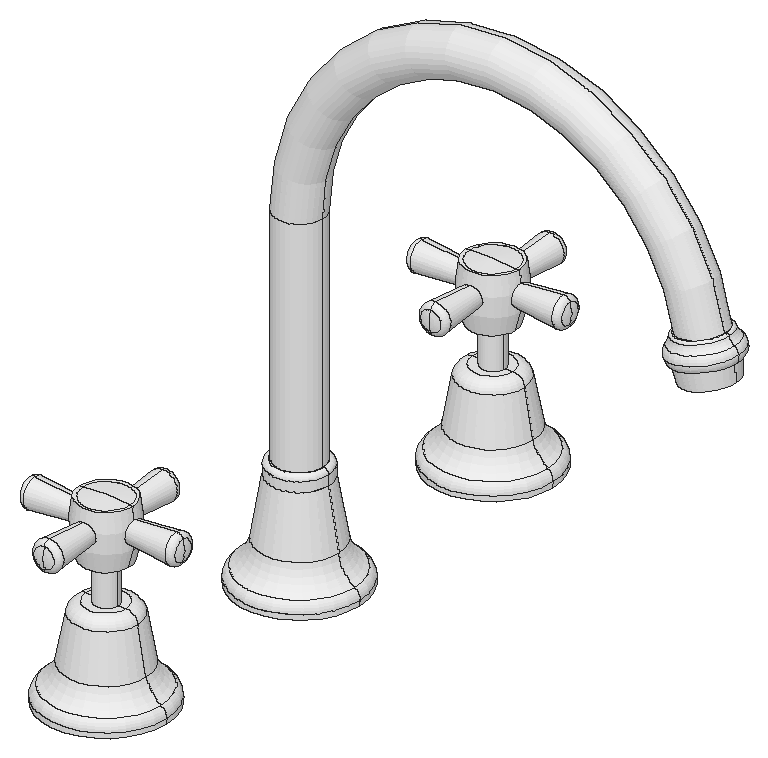
Revit family "Classic-cross-HB-set-HWC-631241C4A", category Plumbing Fixtures, host Face, Revit 2015
Parameters
  Waste Connection = no
  Vent Connection = no
  URL = "https://www.caroma.com.au/"
  Model = "631241C4A"
  Material_Spout = GWA_Metal-Chrome
  Material_Handle = GWA_Metal-Chrome
  Manufacturer = "GWA Bathrooms & Kitchens"  # constant formula
  HW Connection = yes
  Description = "Classic-cross-HB-set-HWC"
  Default Elevation = 900 mm
  CreatedBy_ANZRS = "GWA Bathrooms & Kitchens"  # constant formula
  CW Connection = yes
  Assembly Code = "C1030220"
Reference planes
  plane 1 "Center (Front/Back)": y = 0
  plane 2: z = 0
  plane 3 "Center (Left/Right)": x = 0
  plane 4 "Right": y = 100.027
  plane 5 "Left": y = -100
Forms (mm)
  Revolve 1, solid, material "GWA_Metal-Chrome" <- "Material_Handle"
    sketch origin (-299.999, 100.027, 0) x (-1, 0, 0) y (0, 0, 1)
      loop
        line (-299.999, 0) -> (-274.999, 0) -> (-274.999, 1.96)
        arc (-274.999, 1.96) -> (-275.601, 4.338) -> (-277.261, 6.143) r 5
        arc (-277.261, 6.143) -> (-281.105, 9.771) -> (-283.451, 14.506) r 15
        line (-283.451, 14.506) -> (-286.814, 32.872)
        arc (-286.814, 32.872) -> (-288.532, 35.823) -> (-291.738, 37) r 5.035
        line (-291.738, 37) -> (-299.999, 37) -> (-299.999, 0)
      axis (-299.999, 37) -> (-299.999, 0)
    angle from 0 to 360
  Extrusion 2, solid, material "GWA_Metal-Chrome" <- "Material_Handle"
    sketch origin (-299.999, 100, 0) x (1, 0, 0) y (0, 1, 0)
      loop
        circle (299.999, 0) r 4.75
    from 9.603 to 56.677
  Revolve 3, solid, material "GWA_Metal-Chrome" <- "Material_Handle"
    sketch origin (-299.999, 100.027, 0) x (-1, 0, 0) y (0, 0, 1)
      loop
        line (-299.999, 76.5) -> (-299.999, 52.8) -> (-290.499, 52.8)
        arc (-290.499, 52.8) -> (-288.062, 64.19) -> (-289.01, 75.8) r 40
        line (-289.01, 75.8) -> (-290.374, 75.8)
        arc (-290.374, 75.8) -> (-295.174, 76.325) -> (-299.999, 76.5) r 66.537
      axis (-299.999, 76.5) -> (-299.999, 52.8)
    angle from 0 to 360
  Revolve 4, solid, material "GWA_Metal-Chrome" <- "Material_Handle"
    sketch origin (-299.999, 100.027, 0) x (-1, 0, 0) y (0, 0, 1)
      loop
        line (-309.999, 71.091) -> (-329.28, 72.79)
        arc (-329.28, 72.79) -> (-330.91, 72.363) -> (-331.899, 70.999) r 2.5
        arc (-331.899, 70.999) -> (-332.349, 68.921) -> (-332.499, 66.799) r 15
        line (-332.499, 66.799) -> (-309.999, 66.799) -> (-309.999, 71.091)
      axis (-309.999, 66.799) -> (-332.499, 66.799)
    angle from 0 to 360
  Revolve 5, solid, material "GWA_Metal-Chrome" <- "Material_Handle"
    sketch origin (0, -100, 0) x (0, 1, 0) y (0, 0, 1)
      loop
        line (210, 71.091) -> (210, 66.799) -> (232.5, 66.799)
        arc (232.5, 66.799) -> (232.349, 68.921) -> (231.9, 70.999) r 15
        arc (231.9, 70.999) -> (230.911, 72.363) -> (229.281, 72.79) r 2.5
        line (229.281, 72.79) -> (210, 71.091)
      axis (210, 66.799) -> (232.5, 66.799)
    angle from 0 to 360
  Revolve 6, solid, material "GWA_Metal-Chrome" <- "Material_Handle"
    sketch origin (200, 100, 0) x (-1, 0, 0) y (0, 0, 1)
      loop
        line (210, 71.091) -> (210, 66.799) -> (232.5, 66.799)
        arc (232.5, 66.799) -> (232.349, 68.921) -> (231.9, 70.999) r 15
        arc (231.9, 70.999) -> (230.911, 72.363) -> (229.281, 72.79) r 2.5
        line (229.281, 72.79) -> (210, 71.091)
      axis (210, 66.799) -> (232.5, 66.799)
    angle from 0 to 360
  Revolve 7, solid, material "GWA_Metal-Chrome" <- "Material_Handle"
    sketch origin (0, 300, 0) x (0, -1, 0) y (0, 0, 1)
      loop
        line (210, 71.091) -> (210, 66.799) -> (232.5, 66.799)
        arc (232.5, 66.799) -> (232.349, 68.921) -> (231.9, 70.999) r 15
        arc (231.9, 70.999) -> (230.911, 72.363) -> (229.281, 72.79) r 2.5
        line (229.281, 72.79) -> (210, 71.091)
      axis (210, 66.799) -> (232.5, 66.799)
    angle from 0 to 360
  Revolve 8, solid, material "GWA_Metal-Chrome" <- "Material_Handle"
    sketch origin (-299.999, -99.973, 0) x (-1, 0, 0) y (0, 0, 1)
      loop
        line (-299.999, 0) -> (-274.999, 0) -> (-274.999, 1.96)
        arc (-274.999, 1.96) -> (-275.601, 4.338) -> (-277.261, 6.143) r 5
        arc (-277.261, 6.143) -> (-281.105, 9.771) -> (-283.451, 14.506) r 15
        line (-283.451, 14.506) -> (-286.814, 32.872)
        arc (-286.814, 32.872) -> (-288.532, 35.823) -> (-291.738, 37) r 5.035
        line (-291.738, 37) -> (-299.999, 37) -> (-299.999, 0)
      axis (-299.999, 37) -> (-299.999, 0)
    angle from 0 to 360
  Extrusion 9, solid, material "GWA_Metal-Chrome" <- "Material_Handle"
    sketch origin (-299.999, -100, 0) x (1, 0, 0) y (0, 1, 0)
      loop
        circle (299.999, 0) r 4.75
    from 9.603 to 56.677
  Revolve 10, solid, material "GWA_Metal-Chrome" <- "Material_Handle"
    sketch origin (-299.999, -99.973, 0) x (-1, 0, 0) y (0, 0, 1)
      loop
        line (-299.999, 76.5) -> (-299.999, 52.8) -> (-290.499, 52.8)
        arc (-290.499, 52.8) -> (-288.062, 64.19) -> (-289.01, 75.8) r 40
        line (-289.01, 75.8) -> (-290.374, 75.8)
        arc (-290.374, 75.8) -> (-295.174, 76.325) -> (-299.999, 76.5) r 66.537
      axis (-299.999, 76.5) -> (-299.999, 52.8)
    angle from 0 to 360
  Revolve 11, solid, material "GWA_Metal-Chrome" <- "Material_Handle"
    sketch origin (-299.999, -99.973, 0) x (-1, 0, 0) y (0, 0, 1)
      loop
        line (-309.999, 71.091) -> (-329.28, 72.79)
        arc (-329.28, 72.79) -> (-330.91, 72.363) -> (-331.899, 70.999) r 2.5
        arc (-331.899, 70.999) -> (-332.349, 68.921) -> (-332.499, 66.799) r 15
        line (-332.499, 66.799) -> (-309.999, 66.799) -> (-309.999, 71.091)
      axis (-309.999, 66.799) -> (-332.499, 66.799)
    angle from 0 to 360
  Revolve 12, solid, material "GWA_Metal-Chrome" <- "Material_Handle"
    sketch origin (0, -300, 0) x (0, 1, 0) y (0, 0, 1)
      loop
        line (210, 71.091) -> (210, 66.799) -> (232.5, 66.799)
        arc (232.5, 66.799) -> (232.349, 68.921) -> (231.9, 70.999) r 15
        arc (231.9, 70.999) -> (230.911, 72.363) -> (229.281, 72.79) r 2.5
        line (229.281, 72.79) -> (210, 71.091)
      axis (210, 66.799) -> (232.5, 66.799)
    angle from 0 to 360
  Revolve 13, solid, material "GWA_Metal-Chrome" <- "Material_Handle"
    sketch origin (200, -100, 0) x (-1, 0, 0) y (0, 0, 1)
      loop
        line (210, 71.091) -> (210, 66.799) -> (232.5, 66.799)
        arc (232.5, 66.799) -> (232.349, 68.921) -> (231.9, 70.999) r 15
        arc (231.9, 70.999) -> (230.911, 72.363) -> (229.281, 72.79) r 2.5
        line (229.281, 72.79) -> (210, 71.091)
      axis (210, 66.799) -> (232.5, 66.799)
    angle from 0 to 360
  Revolve 14, solid, material "GWA_Metal-Chrome" <- "Material_Handle"
    sketch origin (0, 100, 0) x (0, -1, 0) y (0, 0, 1)
      loop
        line (210, 71.091) -> (210, 66.799) -> (232.5, 66.799)
        arc (232.5, 66.799) -> (232.349, 68.921) -> (231.9, 70.999) r 15
        arc (231.9, 70.999) -> (230.911, 72.363) -> (229.281, 72.79) r 2.5
        line (229.281, 72.79) -> (210, 71.091)
      axis (210, 66.799) -> (232.5, 66.799)
    angle from 0 to 360
  Revolve 15, solid, material "GWA_Metal-Chrome" <- "Material_Spout"
    sketch origin (300, 0, 0) x (1, 0, 0) y (0, 0, 1)
      loop
        line (-312, 44) -> (-312, 40) -> (-316.154, 16.444)
        arc (-316.154, 16.444) -> (-318.404, 10.538) -> (-322.887, 6.082) r 15.004
        arc (-322.887, 6.082) -> (-324.44, 4.299) -> (-325, 2) r 5
        line (-325, 2) -> (-325, 0) -> (-300, 0) -> (-300, 46) -> (-310, 46)
        arc (-310, 46) -> (-311.414, 45.414) -> (-312, 44) r 2
      axis (-300, 46) -> (-300, 0)
    angle from 0 to 360
  Revolve 16, solid, material "GWA_Metal-Chrome" <- "Material_Spout"
    sketch origin (300, 0, 0) x (1, 0, 0) y (0, 0, 1)
      loop
        line (-133.276, 152.586) -> (-143.22, 150.833)
        arc (-143.22, 150.833) -> (-143.814, 150.489) -> (-144.047, 149.843) r 1
        arc (-144.047, 149.843) -> (-144.311, 148.051) -> (-145.098, 146.419) r 6
        arc (-145.098, 146.419) -> (-145.785, 144.827) -> (-145.818, 143.093) r 4.5
        arc (-145.818, 143.093) -> (-145.304, 141.66) -> (-144.342, 140.481) r 4.5
        line (-144.342, 140.481) -> (-143.191, 140.684) -> (-140.82, 133.385) -> (-130.22, 135.254) -> (-133.276, 152.586)
      axis (-133.276, 152.586) -> (-130.22, 135.254)
    angle from 0 to 360
  Sweep 17, solid, material "GWA_Metal-Chrome" <- "Material_Spout"
    path origin (300, 0, 0) x (1, 0, 0) y (0, 0, 1)
      loop
        arc (-133.276, 152.586) -> (-223.321, 221.68) -> (-300, 138) r 84
        line (-300, 138) -> (-300, 46)
    profile origin (0, 0, 92) x (0, -1, 0) y (1, 0, 0)
      loop
        circle (0, 0) r 9.5
Lines and regions (mm)
  Masking region 1
    outline origin (0, 0, 0) x (1, 0, 0) y (0, 1, 0)
      loop
        arc (24.38, 105.559) -> (17.7, 117.683) -> (5.593, 124.394) r 25
        line (5.593, 124.394) -> (6.029, 129.273)
        arc (6.029, 129.273) -> (5.605, 130.904) -> (4.242, 131.895) r 2.5
        arc (4.242, 131.895) -> (0.043, 132.5) -> (-4.158, 131.906) r 15.001
        arc (-4.158, 131.906) -> (-5.523, 130.918) -> (-5.952, 129.289) r 2.5
        line (-5.952, 129.289) -> (-5.528, 124.408)
        arc (-5.528, 124.408) -> (-17.656, 117.727) -> (-24.367, 105.616) r 25
        line (-24.367, 105.616) -> (-29.267, 106.059)
        arc (-29.267, 106.059) -> (-30.899, 105.636) -> (-31.891, 104.275) r 2.5
        arc (-31.891, 104.275) -> (-32.501, 100.076) -> (-31.91, 95.874) r 15.001
        arc (-31.91, 95.874) -> (-30.924, 94.508) -> (-29.295, 94.078) r 2.5
        line (-29.295, 94.078) -> (-24.387, 94.499)
        arc (-24.387, 94.499) -> (-17.712, 82.358) -> (-5.597, 75.635) r 24.999
        line (-5.597, 75.635) -> (-6.036, 70.728)
        arc (-6.036, 70.728) -> (-5.613, 69.098) -> (-4.25, 68.106) r 2.5
        arc (-4.25, 68.106) -> (-0.051, 67.5) -> (4.15, 68.093) r 15.001
        arc (4.15, 68.093) -> (5.516, 69.081) -> (5.945, 70.71) r 2.5
        line (5.945, 70.71) -> (5.52, 75.618)
        arc (5.52, 75.618) -> (17.663, 82.309) -> (24.374, 94.442) r 24.999
        line (24.374, 94.442) -> (29.281, 94.01)
        arc (29.281, 94.01) -> (30.911, 94.436) -> (31.9, 95.8) r 2.5
        arc (31.9, 95.8) -> (32.5, 100) -> (31.9, 104.2) r 15.001
        arc (31.9, 104.2) -> (30.911, 105.564) -> (29.281, 105.991) r 2.5
        line (29.281, 105.991) -> (24.38, 105.559)
  Masking region 2
    outline origin (0, -200, 0) x (1, 0, 0) y (0, 1, 0)
      loop
        arc (24.38, 105.559) -> (17.7, 117.683) -> (5.593, 124.394) r 25
        line (5.593, 124.394) -> (6.029, 129.273)
        arc (6.029, 129.273) -> (5.605, 130.904) -> (4.242, 131.895) r 2.5
        arc (4.242, 131.895) -> (0.043, 132.5) -> (-4.158, 131.906) r 15.001
        arc (-4.158, 131.906) -> (-5.523, 130.918) -> (-5.952, 129.289) r 2.5
        line (-5.952, 129.289) -> (-5.528, 124.408)
        arc (-5.528, 124.408) -> (-17.656, 117.727) -> (-24.367, 105.616) r 25
        line (-24.367, 105.616) -> (-29.267, 106.059)
        arc (-29.267, 106.059) -> (-30.899, 105.636) -> (-31.891, 104.275) r 2.5
        arc (-31.891, 104.275) -> (-32.501, 100.076) -> (-31.91, 95.874) r 15.001
        arc (-31.91, 95.874) -> (-30.924, 94.508) -> (-29.295, 94.078) r 2.5
        line (-29.295, 94.078) -> (-24.387, 94.499)
        arc (-24.387, 94.499) -> (-17.712, 82.358) -> (-5.597, 75.635) r 24.999
        line (-5.597, 75.635) -> (-6.036, 70.728)
        arc (-6.036, 70.728) -> (-5.613, 69.098) -> (-4.25, 68.106) r 2.5
        arc (-4.25, 68.106) -> (-0.051, 67.5) -> (4.15, 68.093) r 15.001
        arc (4.15, 68.093) -> (5.516, 69.081) -> (5.945, 70.71) r 2.5
        line (5.945, 70.71) -> (5.52, 75.618)
        arc (5.52, 75.618) -> (17.663, 82.309) -> (24.374, 94.442) r 24.999
        line (24.374, 94.442) -> (29.281, 94.01)
        arc (29.281, 94.01) -> (30.911, 94.436) -> (31.9, 95.8) r 2.5
        arc (31.9, 95.8) -> (32.5, 100) -> (31.9, 104.2) r 15.001
        arc (31.9, 104.2) -> (30.911, 105.564) -> (29.281, 105.991) r 2.5
        line (29.281, 105.991) -> (24.38, 105.559)
  Masking region 3
    outline origin (0, 0, 0) x (0, 1, 0) y (0, 0, 1)
      loop
        arc (-90.374, 75.8) -> (-99.999, 76.5) -> (-109.624, 75.8) r 66.537
        line (-109.624, 75.8) -> (-110.99, 75.8)
        arc (-110.99, 75.8) -> (-111.446, 73.535) -> (-111.771, 71.247) r 40
        line (-111.771, 71.247) -> (-129.281, 72.79)
        arc (-129.281, 72.79) -> (-130.911, 72.363) -> (-131.901, 70.999) r 2.5
        arc (-131.901, 70.999) -> (-132.501, 66.799) -> (-131.901, 62.599) r 15
        arc (-131.901, 62.599) -> (-130.909, 61.234) -> (-129.276, 60.81) r 2.5
        line (-129.276, 60.81) -> (-111.776, 62.344)
        arc (-111.776, 62.344) -> (-110.932, 57.502) -> (-109.501, 52.8) r 40
        line (-109.501, 52.8) -> (-104.723, 52.8) -> (-104.723, 37) -> (-108.263, 37)
        arc (-108.263, 37) -> (-111.475, 35.831) -> (-113.186, 32.872) r 5
        line (-113.186, 32.872) -> (-116.549, 14.506)
        arc (-116.549, 14.506) -> (-118.896, 9.771) -> (-122.739, 6.143) r 15
        arc (-122.739, 6.143) -> (-124.399, 4.338) -> (-125.001, 1.96) r 5
        line (-125.001, 1.96) -> (-125.001, 0) -> (-74.999, 0) -> (-74.999, 1.96)
        arc (-74.999, 1.96) -> (-75.601, 4.338) -> (-77.261, 6.143) r 5
        arc (-77.261, 6.143) -> (-81.104, 9.771) -> (-83.451, 14.506) r 15
        line (-83.451, 14.506) -> (-86.814, 32.872)
        arc (-86.814, 32.872) -> (-88.525, 35.831) -> (-91.737, 37) r 5
        line (-91.737, 37) -> (-95.236, 37) -> (-95.236, 52.8) -> (-90.499, 52.8)
        arc (-90.499, 52.8) -> (-89.068, 57.502) -> (-88.224, 62.344) r 40
        line (-88.224, 62.344) -> (-70.724, 60.81)
        arc (-70.724, 60.81) -> (-69.091, 61.234) -> (-68.1, 62.599) r 2.5
        arc (-68.1, 62.599) -> (-67.499, 66.799) -> (-68.099, 70.999) r 15
        arc (-68.099, 70.999) -> (-69.089, 72.363) -> (-70.719, 72.79) r 2.5
        line (-70.719, 72.79) -> (-88.229, 71.247)
        arc (-88.229, 71.247) -> (-88.554, 73.535) -> (-89.01, 75.8) r 40
        line (-89.01, 75.8) -> (-90.374, 75.8)
  Masking region 4
    outline origin (0, 200, 0) x (0, 1, 0) y (0, 0, 1)
      loop
        arc (-90.374, 75.8) -> (-99.999, 76.5) -> (-109.624, 75.8) r 66.537
        line (-109.624, 75.8) -> (-110.99, 75.8)
        arc (-110.99, 75.8) -> (-111.446, 73.535) -> (-111.771, 71.247) r 40
        line (-111.771, 71.247) -> (-129.281, 72.79)
        arc (-129.281, 72.79) -> (-130.911, 72.363) -> (-131.901, 70.999) r 2.5
        arc (-131.901, 70.999) -> (-132.501, 66.799) -> (-131.901, 62.599) r 15
        arc (-131.901, 62.599) -> (-130.909, 61.234) -> (-129.276, 60.81) r 2.5
        line (-129.276, 60.81) -> (-111.776, 62.344)
        arc (-111.776, 62.344) -> (-110.932, 57.502) -> (-109.501, 52.8) r 40
        line (-109.501, 52.8) -> (-104.723, 52.8) -> (-104.723, 37) -> (-108.263, 37)
        arc (-108.263, 37) -> (-111.475, 35.831) -> (-113.186, 32.872) r 5
        line (-113.186, 32.872) -> (-116.549, 14.506)
        arc (-116.549, 14.506) -> (-118.896, 9.771) -> (-122.739, 6.143) r 15
        arc (-122.739, 6.143) -> (-124.399, 4.338) -> (-125.001, 1.96) r 5
        line (-125.001, 1.96) -> (-125.001, 0) -> (-74.999, 0) -> (-74.999, 1.96)
        arc (-74.999, 1.96) -> (-75.601, 4.338) -> (-77.261, 6.143) r 5
        arc (-77.261, 6.143) -> (-81.104, 9.771) -> (-83.451, 14.506) r 15
        line (-83.451, 14.506) -> (-86.814, 32.872)
        arc (-86.814, 32.872) -> (-88.525, 35.831) -> (-91.737, 37) r 5
        line (-91.737, 37) -> (-95.236, 37) -> (-95.236, 52.8) -> (-90.499, 52.8)
        arc (-90.499, 52.8) -> (-89.068, 57.502) -> (-88.224, 62.344) r 40
        line (-88.224, 62.344) -> (-70.724, 60.81)
        arc (-70.724, 60.81) -> (-69.091, 61.234) -> (-68.1, 62.599) r 2.5
        arc (-68.1, 62.599) -> (-67.499, 66.799) -> (-68.099, 70.999) r 15
        arc (-68.099, 70.999) -> (-69.089, 72.363) -> (-70.719, 72.79) r 2.5
        line (-70.719, 72.79) -> (-88.229, 71.247)
        arc (-88.229, 71.247) -> (-88.554, 73.535) -> (-89.01, 75.8) r 40
        line (-89.01, 75.8) -> (-90.374, 75.8)
  Masking region 5
    outline origin (300, 0, 0) x (1, 0, 0) y (0, 0, 1)
      loop
        line (-140.82, 133.385) -> (-119.62, 137.123) -> (-119.888, 144.793) -> (-118.737, 144.996)
        arc (-118.737, 144.996) -> (-118.236, 146.433) -> (-118.244, 147.955) r 4.5
        arc (-118.244, 147.955) -> (-118.868, 149.573) -> (-120.058, 150.834) r 4.5
        arc (-120.058, 150.834) -> (-121.356, 152.098) -> (-122.217, 153.692) r 6
        arc (-122.217, 153.692) -> (-122.656, 154.22) -> (-123.332, 154.34) r 1
        line (-123.332, 154.34) -> (-143.22, 150.833)
        arc (-143.22, 150.833) -> (-143.814, 150.489) -> (-144.047, 149.843) r 1
        arc (-144.047, 149.843) -> (-144.311, 148.051) -> (-145.098, 146.419) r 6
        arc (-145.098, 146.419) -> (-145.785, 144.827) -> (-145.818, 143.093) r 4.5
        arc (-145.818, 143.093) -> (-145.304, 141.66) -> (-144.342, 140.481) r 4.5
        line (-144.342, 140.481) -> (-143.191, 140.684) -> (-140.82, 133.385)
  Masking region 6
    outline origin (300, 0, 0) x (1, 0, 0) y (0, 0, 1)
      loop
        line (-142.632, 150.937) -> (-123.92, 154.236)
        arc (-123.92, 154.236) -> (-224.149, 231.144) -> (-309.5, 138) r 93.5
        line (-309.5, 138) -> (-309.5, 75.8) -> (-290.5, 75.8) -> (-290.5, 138)
        arc (-290.5, 138) -> (-222.493, 212.217) -> (-142.632, 150.937) r 74.5
  Masking region 7
    outline origin (300, 0, 0) x (1, 0, 0) y (0, 0, 1)
      loop
        arc (-310, 46) -> (-311.414, 45.414) -> (-312, 44) r 2
        line (-312, 44) -> (-312, 40) -> (-316.154, 16.444)
        arc (-316.154, 16.444) -> (-318.404, 10.538) -> (-322.887, 6.082) r 15.004
        arc (-322.887, 6.082) -> (-324.44, 4.299) -> (-325, 2) r 5
        line (-325, 2) -> (-325, 0) -> (-275, 0) -> (-275, 2)
        arc (-275, 2) -> (-275.56, 4.299) -> (-277.113, 6.082) r 5
        arc (-277.113, 6.082) -> (-281.596, 10.538) -> (-283.846, 16.444) r 15.004
        line (-283.846, 16.444) -> (-288, 40) -> (-288, 44)
        arc (-288, 44) -> (-288.586, 45.414) -> (-290, 46) r 2
        line (-290, 46) -> (-310, 46)
  Masking region 8
    outline origin (0, 0, 0) x (0, 1, 0) y (0, 0, 1)
      loop
        line (-25, 0) -> (25, 0) -> (25, 2)
        arc (25, 2) -> (24.44, 4.299) -> (22.887, 6.082) r 5
        arc (22.887, 6.082) -> (18.404, 10.538) -> (16.154, 16.444) r 15.004
        line (16.154, 16.444) -> (12, 40) -> (12, 44)
        arc (12, 44) -> (11.414, 45.414) -> (10, 46) r 2
        line (10, 46) -> (-10, 46)
        arc (-10, 46) -> (-11.414, 45.414) -> (-12, 44) r 2
        line (-12, 44) -> (-12, 40) -> (-16.154, 16.444)
        arc (-16.154, 16.444) -> (-18.404, 10.538) -> (-22.887, 6.082) r 15.004
        arc (-22.887, 6.082) -> (-24.44, 4.299) -> (-25, 2) r 5
        line (-25, 2) -> (-25, 0)
  Masking region 9
    outline origin (0, 0, 0) x (0, 1, 0) y (0, 0, 1)
      loop
        line (9.5, 46) -> (9.5, 134.589)
        spline (9.5, 134.589) -> (9.684, 134.66) -> (9.855, 134.732) -> (10.013, 134.806) -> (10.157, 134.881) -> (10.288, 134.956) -> (10.404, 135.033) -> (10.506, 135.11) -> (10.594, 135.189) -> (10.668, 135.267) -> (10.728, 135.347) -> (10.772, 135.426) -> (10.802, 135.506)
        line (10.802, 135.506) -> (11.714, 141.89)
        arc (11.714, 141.89) -> (12.569, 142.302) -> (13.258, 142.957) r 3.066
        arc (13.258, 142.957) -> (13.81, 144.188) -> (14, 145.525) r 4.832
        arc (14, 145.525) -> (13.611, 147.417) -> (12.52, 149.011) r 4.888
        arc (12.52, 149.011) -> (11.666, 150.15) -> (11.149, 151.476) r 5.247
        arc (11.149, 151.476) -> (10.558, 152.587) -> (9.5, 153.269) r 2.5
        line (9.5, 153.269) -> (9.5, 222)
        arc (9.5, 222) -> (0, 231.5) -> (-9.5, 222) r 9.5
        line (-9.5, 222) -> (-9.5, 153.269)
        arc (-9.5, 153.269) -> (-10.558, 152.587) -> (-11.149, 151.476) r 2.5
        arc (-11.149, 151.476) -> (-11.666, 150.15) -> (-12.52, 149.011) r 5.247
        arc (-12.52, 149.011) -> (-13.611, 147.417) -> (-14, 145.525) r 4.888
        arc (-14, 145.525) -> (-13.81, 144.188) -> (-13.258, 142.957) r 4.832
        arc (-13.258, 142.957) -> (-12.568, 142.301) -> (-11.71, 141.888) r 3.066
        line (-11.71, 141.888) -> (-10.803, 135.507)
        spline (-10.803, 135.507) -> (-10.772, 135.427) -> (-10.728, 135.347) -> (-10.668, 135.268) -> (-10.595, 135.189) -> (-10.507, 135.111) -> (-10.404, 135.033) -> (-10.288, 134.956) -> (-10.157, 134.881) -> (-10.013, 134.806) -> (-9.855, 134.732) -> (-9.684, 134.66) -> (-9.5, 134.589)
        line (-9.5, 134.589) -> (-9.5, 46) -> (9.5, 46)
  Masking region 10
    outline origin (-153.403, 0, 0) x (1, 0, 0) y (0, 0, 1)
      loop
        arc (142.413, 75.8) -> (141.957, 73.535) -> (141.632, 71.247) r 40
        line (141.632, 71.247) -> (124.121, 72.79)
        arc (124.121, 72.79) -> (122.491, 72.363) -> (121.502, 70.999) r 2.5
        arc (121.502, 70.999) -> (121.053, 68.921) -> (120.902, 66.799) r 15
        arc (120.902, 66.799) -> (121.053, 64.678) -> (121.502, 62.599) r 15
        arc (121.502, 62.599) -> (122.491, 61.235) -> (124.121, 60.809) r 2.5
        line (124.121, 60.809) -> (141.627, 62.351)
        arc (141.627, 62.351) -> (142.47, 57.506) -> (143.902, 52.8) r 40
        line (143.902, 52.8) -> (148.652, 52.8) -> (148.652, 37) -> (145.141, 37)
        arc (145.141, 37) -> (141.928, 35.831) -> (140.217, 32.872) r 5
        line (140.217, 32.872) -> (136.854, 14.506)
        arc (136.854, 14.506) -> (134.507, 9.771) -> (130.664, 6.143) r 15
        arc (130.664, 6.143) -> (129.004, 4.338) -> (128.402, 1.96) r 5
        line (128.402, 1.96) -> (128.402, 0) -> (178.403, 0) -> (178.403, 1.96)
        arc (178.403, 1.96) -> (177.801, 4.338) -> (176.141, 6.143) r 5
        arc (176.141, 6.143) -> (172.298, 9.771) -> (169.951, 14.506) r 15
        line (169.951, 14.506) -> (166.588, 32.872)
        arc (166.588, 32.872) -> (164.877, 35.831) -> (161.665, 37) r 5
        line (161.665, 37) -> (158.152, 37) -> (158.152, 52.8) -> (162.904, 52.8)
        arc (162.904, 52.8) -> (164.336, 57.506) -> (165.179, 62.352) r 40
        line (165.179, 62.352) -> (182.684, 60.809)
        arc (182.684, 60.809) -> (184.314, 61.235) -> (185.303, 62.599) r 2.5
        arc (185.303, 62.599) -> (185.753, 64.678) -> (185.903, 66.799) r 15
        arc (185.903, 66.799) -> (185.753, 68.921) -> (185.303, 70.999) r 15
        arc (185.303, 70.999) -> (184.314, 72.363) -> (182.684, 72.79) r 2.5
        line (182.684, 72.79) -> (165.173, 71.247)
        arc (165.173, 71.247) -> (164.849, 73.535) -> (164.393, 75.8) r 40
        arc (164.393, 75.8) -> (153.403, 76.5) -> (142.413, 75.8) r 86.637
  Masking region 11
    outline origin (0, 0, 0) x (1, 0, 0) y (0, 0, 1)
      loop
        line (-4.75, 52.8) -> (-9.5, 52.8) -> (-9.5, 46) -> (-4.75, 46) -> (-4.75, 52.8)
  Masking region 12
    outline origin (0, 0, 0) x (1, 0, 0) y (0, 0, 1)
      loop
        line (9.501, 52.8) -> (4.75, 52.8) -> (4.75, 46) -> (9.501, 46) -> (9.501, 52.8)
  Masking region 13
    outline origin (0, 0, 0) x (1, 0, 0) y (0, 1, 0)
      loop
        arc (157.518, -9.5) -> (181.801, 0) -> (157.518, 9.5) r 14
        line (157.518, 9.5) -> (23.125, 9.5)
        arc (23.125, 9.5) -> (-25, 0) -> (23.125, -9.5) r 25
        line (23.125, -9.5) -> (157.518, -9.5)
  symbolic lines
    curve 1: arc (12.821, -9.5, 0) -> (-15.957, 0, 0) -> (12.821, 9.5, 0) r 15.957
    curve 2: arc (20.597, 9.5, 0) -> (-22.682, 0, 0) -> (20.597, -9.5, 0) r 22.682
    curve 3: arc (23.125, 9.5, 0) -> (-25, 0, 0) -> (23.125, -9.5, 0) r 25
    curve 4: arc (0, 9.5, 0) -> (-9.5, 0, 0) -> (0, -9.5, 0) r 9.5
    curve 5: arc (165.865, 9.5, 0) -> (176.08, 0, 0) -> (165.865, -9.5, 0) r 9.525
    curve 6: arc (159.327, 9.5, 0) -> (180.472, 0, 0) -> (159.327, -9.5, 0) r 12.707
    curve 7: arc (157.518, 9.5, 0) -> (181.801, 0, 0) -> (157.518, -9.5, 0) r 14
    curve 8: line (165.865, -9.5, 0) -> (0, -9.5, 0)
    curve 9: line (0, 9.5, 0) -> (165.865, 9.5, 0)
    curve 10: circle (-0.001, 100, 0) r 9.625 normal (0, 0, 1)
    curve 11: circle (-0.001, 100, 0) r 10.989 normal (0, 0, 1)
    curve 12: circle (-0.001, 100, 0) r 11.937 normal (0, 0, 1)
    curve 13: arc (-4.486, 112.399, 0) -> (-9.307, 109.341, 0) -> (-12.383, 104.532, 0) r 13.186
    curve 14: arc (-5.328, 122.104, 0) -> (-16.048, 116.107, 0) -> (-22.085, 105.409, 0) r 22.737
    curve 15: arc (-5.526, 124.381, 0) -> (-17.645, 117.71, 0) -> (-24.361, 105.615, 0) r 24.999
    curve 16: line (11.101, 104.389, 0) -> (29.281, 105.991, 0)
    curve 17: arc (31.9, 104.2, 0) -> (32.5, 100, 0) -> (31.9, 95.8, 0) r 15.001
    curve 18: arc (29.281, 105.991, 0) -> (30.911, 105.564, 0) -> (31.9, 104.2, 0) r 2.5
    curve 19: arc (29.281, 94.01, 0) -> (30.911, 94.436, 0) -> (31.9, 95.8, 0) r 2.5
    curve 20: line (29.281, 94.01, 0) -> (11.101, 95.611, 0)
    curve 21: line (-4.374, 111.107, 0) -> (-5.952, 129.289, 0)
    curve 22: arc (-4.158, 131.906, 0) -> (0.043, 132.5, 0) -> (4.242, 131.895, 0) r 15.001
    curve 23: arc (-5.952, 129.289, 0) -> (-5.523, 130.918, 0) -> (-4.158, 131.906, 0) r 2.5
    curve 24: arc (6.029, 129.273, 0) -> (5.605, 130.904, 0) -> (4.242, 131.895, 0) r 2.5
    curve 25: line (6.029, 129.273, 0) -> (4.404, 111.095, 0)
    curve 26: line (4.371, 88.892, 0) -> (5.945, 70.71, 0)
    curve 27: arc (4.15, 68.093, 0) -> (-0.051, 67.5, 0) -> (-4.25, 68.106, 0) r 15.001
    curve 28: arc (5.945, 70.71, 0) -> (5.516, 69.081, 0) -> (4.15, 68.093, 0) r 2.5
    curve 29: arc (-6.036, 70.728, 0) -> (-5.613, 69.098, 0) -> (-4.25, 68.106, 0) r 2.5
    curve 30: line (-6.036, 70.728, 0) -> (-4.407, 88.906, 0)
    curve 31: arc (-12.404, 95.527, 0) -> (-9.342, 90.695, 0) -> (-4.523, 87.614, 0) r 13.186
    curve 32: arc (12.393, 104.503, 0) -> (9.33, 109.318, 0) -> (4.519, 112.387, 0) r 13.186
    curve 33: arc (4.482, 87.6, 0) -> (9.316, 90.669, 0) -> (12.393, 95.497, 0) r 13.186
    curve 34: line (-11.112, 95.638, 0) -> (-29.295, 94.078, 0)
    curve 35: arc (-31.91, 95.874, 0) -> (-32.501, 100.076, 0) -> (-31.891, 104.275, 0) r 15.001
    curve 36: arc (-29.295, 94.078, 0) -> (-30.924, 94.508, 0) -> (-31.91, 95.874, 0) r 2.5
    curve 37: arc (-29.267, 106.059, 0) -> (-30.899, 105.636, 0) -> (-31.891, 104.275, 0) r 2.5
    curve 38: line (-29.267, 106.059, 0) -> (-11.091, 104.415, 0)
    curve 39: arc (24.374, 105.558, 0) -> (17.689, 117.666, 0) -> (5.59, 124.367, 0) r 24.999
    curve 40: arc (22.097, 105.358, 0) -> (16.088, 116.067, 0) -> (5.387, 122.09, 0) r 22.737
    curve 41: arc (5.323, 77.895, 0) -> (16.065, 83.91, 0) -> (22.097, 94.642, 0) r 22.737
    curve 42: arc (5.52, 75.618, 0) -> (17.663, 82.309, 0) -> (24.374, 94.442, 0) r 24.999
    curve 43: arc (-24.387, 94.499, 0) -> (-17.712, 82.358, 0) -> (-5.597, 75.635, 0) r 24.999
    curve 44: arc (-22.11, 94.694, 0) -> (-16.109, 83.954, 0) -> (-5.393, 77.912, 0) r 22.737
    curve 45: circle (-0.001, -100, 0) r 9.625 normal (0, 0, 1)
    curve 46: circle (-0.001, -100, 0) r 10.989 normal (0, 0, 1)
    curve 47: circle (-0.001, -100, 0) r 11.937 normal (0, 0, 1)
    curve 48: arc (-4.486, -87.601, 0) -> (-9.307, -90.659, 0) -> (-12.383, -95.468, 0) r 13.186
    curve 49: arc (-5.328, -77.896, 0) -> (-16.048, -83.893, 0) -> (-22.085, -94.591, 0) r 22.737
    curve 50: arc (-5.526, -75.619, 0) -> (-17.645, -82.29, 0) -> (-24.361, -94.385, 0) r 24.999
    curve 51: line (11.101, -95.611, 0) -> (29.281, -94.009, 0)
    curve 52: arc (31.9, -95.8, 0) -> (32.5, -100, 0) -> (31.9, -104.2, 0) r 15.001
    curve 53: arc (29.281, -94.009, 0) -> (30.911, -94.436, 0) -> (31.9, -95.8, 0) r 2.5
    curve 54: arc (29.281, -105.99, 0) -> (30.911, -105.564, 0) -> (31.9, -104.2, 0) r 2.5
    curve 55: line (29.281, -105.99, 0) -> (11.101, -104.389, 0)
    curve 56: line (-4.374, -88.893, 0) -> (-5.952, -70.711, 0)
    curve 57: arc (-4.158, -68.094, 0) -> (0.043, -67.5, 0) -> (4.242, -68.105, 0) r 15.001
    curve 58: arc (-5.952, -70.711, 0) -> (-5.523, -69.082, 0) -> (-4.158, -68.094, 0) r 2.5
    curve 59: arc (6.029, -70.727, 0) -> (5.605, -69.096, 0) -> (4.242, -68.105, 0) r 2.5
    curve 60: line (6.029, -70.727, 0) -> (4.404, -88.905, 0)
    curve 61: line (4.371, -111.108, 0) -> (5.945, -129.29, 0)
    curve 62: arc (4.15, -131.907, 0) -> (-0.051, -132.5, 0) -> (-4.25, -131.894, 0) r 15.001
    curve 63: arc (5.945, -129.29, 0) -> (5.516, -130.919, 0) -> (4.15, -131.907, 0) r 2.5
    curve 64: arc (-6.036, -129.272, 0) -> (-5.613, -130.902, 0) -> (-4.25, -131.894, 0) r 2.5
    curve 65: line (-6.036, -129.272, 0) -> (-4.407, -111.094, 0)
    curve 66: arc (-12.404, -104.473, 0) -> (-9.342, -109.305, 0) -> (-4.523, -112.386, 0) r 13.186
    curve 67: arc (12.393, -95.497, 0) -> (9.33, -90.682, 0) -> (4.519, -87.613, 0) r 13.186
    curve 68: arc (4.482, -112.4, 0) -> (9.316, -109.331, 0) -> (12.393, -104.503, 0) r 13.186
    curve 69: line (-11.112, -104.362, 0) -> (-29.295, -105.922, 0)
    curve 70: arc (-31.91, -104.126, 0) -> (-32.501, -99.924, 0) -> (-31.891, -95.725, 0) r 15.001
    curve 71: arc (-29.295, -105.922, 0) -> (-30.924, -105.492, 0) -> (-31.91, -104.126, 0) r 2.5
    curve 72: arc (-29.267, -93.941, 0) -> (-30.899, -94.364, 0) -> (-31.891, -95.725, 0) r 2.5
    curve 73: line (-29.267, -93.941, 0) -> (-11.091, -95.585, 0)
    curve 74: arc (24.374, -94.442, 0) -> (17.689, -82.334, 0) -> (5.59, -75.633, 0) r 24.999
    curve 75: arc (22.097, -94.642, 0) -> (16.088, -83.933, 0) -> (5.387, -77.91, 0) r 22.737
    curve 76: arc (5.323, -122.105, 0) -> (16.065, -116.09, 0) -> (22.097, -105.358, 0) r 22.737
    curve 77: arc (5.52, -124.382, 0) -> (17.663, -117.691, 0) -> (24.374, -105.558, 0) r 24.999
    curve 78: arc (-24.387, -105.501, 0) -> (-17.712, -117.642, 0) -> (-5.597, -124.365, 0) r 24.999
    curve 79: arc (-22.11, -105.306, 0) -> (-16.109, -116.046, 0) -> (-5.393, -122.088, 0) r 22.737
    curve 80: line (0, -88.229, 71.247) -> (0, -70.719, 72.79)
    curve 81: arc (0, -68.099, 70.999) -> (0, -69.089, 72.363) -> (0, -70.719, 72.79) r 2.5
    curve 82: arc (0, -68.099, 62.599) -> (0, -67.499, 66.799) -> (0, -68.099, 70.999) r 15
    curve 83: line (0, -70.724, 60.81) -> (0, -88.224, 62.344)
    curve 84: arc (0, -89.01, 75.8) -> (0, -88.554, 73.535) -> (0, -88.229, 71.247) r 40
    curve 85: arc (0, -90.374, 75.8) -> (0, -99.999, 76.5) -> (0, -109.624, 75.8) r 66.537
    curve 86: line (0, -90.499, 52.8) -> (0, -109.501, 52.8)
    curve 87: circle (0, -99.973, 66.799) r 4.292 normal (1, 0, 0)
    curve 88: circle (0, -99.973, 66.799) r 5.963 normal (1, 0, 0)
    curve 89: line (0, -95.236, 52.8) -> (0, -95.236, 37)
    curve 90: line (0, -104.723, 52.8) -> (0, -104.723, 37)
    curve 91: line (0, -91.737, 37) -> (0, -108.263, 37)
    curve 92: arc (0, -91.737, 37) -> (0, -88.525, 35.831) -> (0, -86.814, 32.872) r 5
    curve 93: line (0, -83.451, 14.506) -> (0, -86.814, 32.872)
    curve 94: arc (0, -77.261, 6.143) -> (0, -81.104, 9.771) -> (0, -83.451, 14.506) r 15
    curve 95: arc (0, -77.261, 6.143) -> (0, -75.601, 4.338) -> (0, -74.999, 1.96) r 5
    curve 96: line (0, -74.999, 0) -> (0, -74.999, 1.96)
    curve 97: line (0, -74.999, 0) -> (0, -125.001, 0)
    curve 98: arc (0, -108.263, 37) -> (0, -111.475, 35.831) -> (0, -113.186, 32.872) r 5
    curve 99: line (0, -116.549, 14.506) -> (0, -113.186, 32.872)
    curve 100: arc (0, -122.739, 6.143) -> (0, -118.896, 9.771) -> (0, -116.549, 14.506) r 15
    curve 101: arc (0, -122.739, 6.143) -> (0, -124.399, 4.338) -> (0, -125.001, 1.96) r 5
    curve 102: line (0, -125.001, 1.96) -> (0, -125.001, 0)
    curve 103: arc (0, -68.1, 62.599) -> (0, -69.091, 61.234) -> (0, -70.724, 60.81) r 2.5
    curve 104: arc (0, -88.224, 62.344) -> (0, -89.068, 57.502) -> (0, -90.499, 52.8) r 40
    curve 105: line (0, -111.771, 71.247) -> (0, -129.281, 72.79)
    curve 106: arc (0, -131.901, 70.999) -> (0, -130.911, 72.363) -> (0, -129.281, 72.79) r 2.5
    curve 107: arc (0, -131.901, 62.599) -> (0, -132.501, 66.799) -> (0, -131.901, 70.999) r 15
    curve 108: line (0, -129.276, 60.81) -> (0, -111.776, 62.344)
    curve 109: arc (0, -131.9, 62.599) -> (0, -130.909, 61.234) -> (0, -129.276, 60.81) r 2.5
    curve 110: arc (0, -110.99, 75.8) -> (0, -111.446, 73.535) -> (0, -111.771, 71.247) r 40
    curve 111: arc (0, -111.776, 62.344) -> (0, -110.932, 57.502) -> (0, -109.501, 52.8) r 40
    curve 112: line (0, -110.99, 75.8) -> (0, -89.01, 75.8)
    curve 113: arc (0, -88.229, 71.247) -> (0, -89.999, 66.795) -> (0, -88.224, 62.344) r 6.476
    curve 114: arc (0, -111.771, 71.247) -> (0, -110.001, 66.795) -> (0, -111.776, 62.344) r 6.476
    curve 115: line (0, 111.771, 71.247) -> (0, 129.281, 72.79)
    curve 116: arc (0, 131.901, 70.999) -> (0, 130.911, 72.363) -> (0, 129.281, 72.79) r 2.5
    curve 117: arc (0, 131.901, 62.599) -> (0, 132.501, 66.799) -> (0, 131.901, 70.999) r 15
    curve 118: line (0, 129.276, 60.81) -> (0, 111.776, 62.344)
    curve 119: arc (0, 110.99, 75.8) -> (0, 111.446, 73.535) -> (0, 111.771, 71.247) r 40
    curve 120: arc (0, 109.626, 75.8) -> (0, 100.001, 76.5) -> (0, 90.376, 75.8) r 66.537
    curve 121: line (0, 109.501, 52.8) -> (0, 90.499, 52.8)
    curve 122: circle (0, 100.027, 66.799) r 4.292 normal (1, 0, 0)
    curve 123: circle (0, 100.027, 66.799) r 5.963 normal (1, 0, 0)
    curve 124: line (0, 104.764, 52.8) -> (0, 104.764, 37)
    curve 125: line (0, 95.277, 52.8) -> (0, 95.277, 37)
    curve 126: line (0, 108.263, 37) -> (0, 91.737, 37)
    curve 127: arc (0, 108.263, 37) -> (0, 111.475, 35.831) -> (0, 113.186, 32.872) r 5
    curve 128: line (0, 116.549, 14.506) -> (0, 113.186, 32.872)
    curve 129: arc (0, 122.739, 6.143) -> (0, 118.896, 9.771) -> (0, 116.549, 14.506) r 15
    curve 130: arc (0, 122.739, 6.143) -> (0, 124.399, 4.338) -> (0, 125.001, 1.96) r 5
    curve 131: line (0, 125.001, 0) -> (0, 125.001, 1.96)
    curve 132: line (0, 125.001, 0) -> (0, 74.999, 0)
    curve 133: arc (0, 91.737, 37) -> (0, 88.525, 35.831) -> (0, 86.814, 32.872) r 5
    curve 134: line (0, 83.451, 14.506) -> (0, 86.814, 32.872)
    curve 135: arc (0, 77.261, 6.143) -> (0, 81.104, 9.771) -> (0, 83.451, 14.506) r 15
    curve 136: arc (0, 77.261, 6.143) -> (0, 75.601, 4.338) -> (0, 74.999, 1.96) r 5
    curve 137: line (0, 74.999, 1.96) -> (0, 74.999, 0)
    curve 138: arc (0, 131.9, 62.599) -> (0, 130.909, 61.234) -> (0, 129.276, 60.81) r 2.5
    curve 139: arc (0, 111.776, 62.344) -> (0, 110.932, 57.502) -> (0, 109.501, 52.8) r 40
    curve 140: line (0, 88.229, 71.247) -> (0, 70.719, 72.79)
    curve 141: arc (0, 68.099, 70.999) -> (0, 69.089, 72.363) -> (0, 70.719, 72.79) r 2.5
    curve 142: arc (0, 68.099, 62.599) -> (0, 67.499, 66.799) -> (0, 68.099, 70.999) r 15
    curve 143: line (0, 70.724, 60.81) -> (0, 88.224, 62.344)
    curve 144: arc (0, 68.1, 62.599) -> (0, 69.091, 61.234) -> (0, 70.724, 60.81) r 2.5
    curve 145: arc (0, 89.01, 75.8) -> (0, 88.554, 73.535) -> (0, 88.229, 71.247) r 40
    curve 146: arc (0, 88.224, 62.344) -> (0, 89.068, 57.502) -> (0, 90.499, 52.8) r 40
    curve 147: line (0, 89.01, 75.8) -> (0, 110.99, 75.8)
    curve 148: arc (0, 111.771, 71.247) -> (0, 110.001, 66.795) -> (0, 111.776, 62.344) r 6.476
    curve 149: arc (0, 88.229, 71.247) -> (0, 89.999, 66.795) -> (0, 88.224, 62.344) r 6.476
    curve 150: line (-12, 0, 40) -> (-16.154, 0, 16.444)
    curve 151: line (-12, 0, 44) -> (-12, 0, 40)
    curve 152: arc (-12, 0, 44) -> (-11.414, 0, 45.414) -> (-10, 0, 46) r 2
    curve 153: line (-9.5, 0, 138) -> (-9.5, 0, 75.977)
    curve 154: arc (-9.5, 0, 138) -> (75.851, 0, 231.144) -> (176.08, 0, 154.236) r 93.5
    curve 155: arc (177.783, 0, 153.692) -> (177.344, 0, 154.22) -> (176.668, 0, 154.34) r 1
    curve 156: arc (177.783, 0, 153.692) -> (178.644, 0, 152.098) -> (179.942, 0, 150.834) r 6
    curve 157: arc (179.942, 0, 150.834) -> (181.132, 0, 149.573) -> (181.756, 0, 147.955) r 4.5
    curve 158: arc (181.756, 0, 147.955) -> (181.764, 0, 146.433) -> (181.263, 0, 144.996) r 4.5
    curve 159: line (155.658, 0, 140.481) -> (181.263, 0, 144.996)
    curve 160: line (180.38, 0, 137.123) -> (180.112, 0, 144.793)
    curve 161: line (159.18, 0, 133.385) -> (180.38, 0, 137.123)
    curve 162: line (159.18, 0, 133.385) -> (156.809, 0, 140.684)
    curve 163: arc (154.182, 0, 143.093) -> (154.696, 0, 141.66) -> (155.658, 0, 140.481) r 4.5
    curve 164: arc (154.902, 0, 146.419) -> (154.215, 0, 144.827) -> (154.182, 0, 143.093) r 4.5
    curve 165: arc (155.953, 0, 149.843) -> (155.689, 0, 148.051) -> (154.902, 0, 146.419) r 6
    curve 166: arc (155.953, 0, 149.843) -> (156.186, 0, 150.489) -> (156.78, 0, 150.833) r 1
    curve 167: line (176.668, 0, 154.34) -> (156.78, 0, 150.833)
    curve 168: arc (9.5, 0, 138) -> (77.507, 0, 212.217) -> (157.368, 0, 150.937) r 74.5
    curve 169: line (9.5, 0, 138) -> (9.5, 0, 75.977)
    curve 170: line (12, 0, 40) -> (16.154, 0, 16.444)
    curve 171: line (12, 0, 44) -> (12, 0, 40)
    curve 172: arc (12, 0, 44) -> (11.414, 0, 45.414) -> (10, 0, 46) r 2
    curve 173: line (-10, 0, 46) -> (-4.75, 0, 46)
    curve 174: arc (0, -9.263, 153.334) -> (0, 0.121, 154.356) -> (0, 9.5, 153.281) r 42.5
    curve 175: spline (0, 10.82, 135.631) -> (0, 10.452, 136.195) -> (0, 9.371, 136.72) -> (0, 7.651, 137.171) -> (0, 5.41, 137.518) -> (0, 2.801, 137.735) -> (0, 0, 137.809) -> (0, -2.801, 137.735) -> (0, -5.41, 137.518) -> (0, -7.651, 137.171) -> (0, -9.371, 136.72) -> (0, -10.452, 136.195) -> (0, -10.82, 135.631) -> (0, -10.452, 135.068) -> (0, -9.371, 134.542) -> (0, -7.651, 134.091) -> (0, -5.41, 133.745) -> (0, -2.801, 133.527) -> (0, 0, 133.453) -> (0, 2.801, 133.527) -> (0, 5.41, 133.745) -> (0, 7.651, 134.091) -> (0, 9.371, 134.542) -> (0, 10.452, 135.068) -> (0, 10.82, 135.631)
    curve 176: line (0, 10.82, 135.631) -> (0, 11.813, 142.585)
    curve 177: spline (0, 11.813, 142.585) -> (0, 11.542, 143.144) -> (0, 10.433, 143.672) -> (0, 8.567, 144.13) -> (0, 6.08, 144.485) -> (0, 3.152, 144.712) -> (0, -0.005, 144.794) -> (0, -3.162, 144.725) -> (0, -6.09, 144.51) -> (0, -8.576, 144.165) -> (0, -10.44, 143.714) -> (0, -11.547, 143.191) -> (0, -11.816, 142.634)
    curve 178: arc (0, 13.258, 142.957) -> (0, 12.569, 142.302) -> (0, 11.714, 141.89) r 3.066
    curve 179: arc (0, 14, 145.525) -> (0, 13.81, 144.188) -> (0, 13.258, 142.957) r 4.832
    curve 180: arc (0, 12.52, 149.011) -> (0, 13.611, 147.417) -> (0, 14, 145.525) r 4.888
    curve 181: arc (0, 12.52, 149.011) -> (0, 11.666, 150.15) -> (0, 11.149, 151.476) r 5.247
    curve 182: arc (0, 11.149, 151.476) -> (0, 10.558, 152.587) -> (0, 9.5, 153.269) r 2.5
    curve 183: arc (0, -11.149, 151.476) -> (0, -10.472, 152.675) -> (0, -9.263, 153.334) r 2.5
    curve 184: arc (0, -12.52, 149.011) -> (0, -11.666, 150.15) -> (0, -11.149, 151.476) r 5.247
    curve 185: arc (0, -12.52, 149.011) -> (0, -13.611, 147.417) -> (0, -14, 145.525) r 4.888
    curve 186: arc (0, -14, 145.525) -> (0, -13.81, 144.188) -> (0, -13.258, 142.957) r 4.832
    curve 187: arc (0, -13.258, 142.957) -> (0, -12.568, 142.301) -> (0, -11.71, 141.888) r 3.066
    curve 188: line (0, -11.816, 142.634) -> (0, -10.82, 135.631)
    curve 189: line (0, -10, 46) -> (0, -9.5, 46)
    curve 190: arc (0, -12, 44) -> (0, -11.414, 45.414) -> (0, -10, 46) r 2
    curve 191: line (0, -12, 44) -> (0, -12, 40)
    curve 192: line (0, -12, 40) -> (0, -16.154, 16.444)
    curve 193: arc (0, -16.154, 16.444) -> (0, -18.404, 10.538) -> (0, -22.887, 6.082) r 15.004
    curve 194: arc (0, -22.887, 6.082) -> (0, -24.44, 4.299) -> (0, -25, 2) r 5
    curve 195: line (0, -25, 2) -> (0, -25, 0)
    curve 196: line (0, 10, 46) -> (0, -9.5, 46)
    curve 197: arc (0, 12, 44) -> (0, 11.414, 45.414) -> (0, 10, 46) r 2
    curve 198: line (0, 12, 44) -> (0, 12, 40)
    curve 199: line (0, 12, 40) -> (0, 16.154, 16.444)
    curve 200: arc (0, 16.154, 16.444) -> (0, 18.404, 10.538) -> (0, 22.887, 6.082) r 15.004
    curve 201: arc (0, 22.887, 6.082) -> (0, 24.44, 4.299) -> (0, 25, 2) r 5
    curve 202: line (0, 25, 2) -> (0, 25, 0)
    curve 203: line (0, -25, 0) -> (0, 25, 0)
    curve 204: line (0, -9.5, 46) -> (0, -9.5, 134.374)
    curve 205: line (0, 9.5, 46) -> (0, 9.5, 134.374)
    curve 206: line (0, -9.5, 153.269) -> (0, -9.5, 222)
    curve 207: arc (0, 9.5, 222) -> (0, 0, 231.5) -> (0, -9.5, 222) r 9.5
    curve 208: line (0, 9.5, 222) -> (0, 9.5, 153.269)
    curve 209: line (-25, 0, 0) -> (25, 0, 0)
    curve 210: arc (-10.989, 0, 75.8) -> (-11.446, 0, 73.535) -> (-11.77, 0, 71.247) r 40
    curve 211: line (-11.77, 0, 71.247) -> (-29.281, 0, 72.79)
    curve 212: arc (-32.501, 0, 66.799) -> (-32.35, 0, 68.921) -> (-31.901, 0, 70.999) r 15
    curve 213: arc (-31.901, 0, 70.999) -> (-30.912, 0, 72.363) -> (-29.281, 0, 72.79) r 2.5
    curve 214: arc (-8.262, 0, 37) -> (-11.475, 0, 35.831) -> (-13.186, 0, 32.872) r 5
    curve 215: line (-16.549, 0, 14.506) -> (-13.186, 0, 32.872)
    curve 216: arc (-22.738, 0, 6.143) -> (-18.895, 0, 9.771) -> (-16.549, 0, 14.506) r 15
    curve 217: arc (-22.738, 0, 6.143) -> (-24.399, 0, 4.338) -> (-25, 0, 1.96) r 5
    curve 218: line (-25, 0, 0) -> (-25, 0, 1.96)
    curve 219: line (-11.776, 0, 62.351) -> (-29.281, 0, 60.809)
    curve 220: arc (-32.501, 0, 66.799) -> (-32.35, 0, 64.678) -> (-31.901, 0, 62.599) r 15
    curve 221: arc (-31.901, 0, 62.599) -> (-30.911, 0, 61.235) -> (-29.281, 0, 60.809) r 2.5
    curve 222: arc (8.262, 0, 37) -> (11.475, 0, 35.831) -> (13.186, 0, 32.872) r 5
    curve 223: line (16.549, 0, 14.506) -> (13.186, 0, 32.872)
    curve 224: arc (22.738, 0, 6.143) -> (18.895, 0, 9.771) -> (16.549, 0, 14.506) r 15
    curve 225: arc (22.738, 0, 6.143) -> (24.399, 0, 4.338) -> (25, 0, 1.96) r 5
    curve 226: line (25, 0, 0) -> (25, 0, 1.96)
    curve 227: line (-8.262, 0, 37) -> (8.262, 0, 37)
    curve 228: line (-4.75, 0, 52.8) -> (-4.75, 0, 37)
    curve 229: line (4.75, 0, 52.8) -> (4.75, 0, 37)
    curve 230: line (-9.501, 0, 52.8) -> (9.501, 0, 52.8)
    curve 231: arc (10.99, 0, 75.8) -> (11.446, 0, 73.535) -> (11.771, 0, 71.247) r 40
    curve 232: arc (-10.989, 0, 75.8) -> (0, 0, 76.5) -> (10.99, 0, 75.8) r 86.637
    curve 233: line (11.771, 0, 71.247) -> (29.281, 0, 72.79)
    curve 234: arc (32.501, 0, 66.799) -> (32.35, 0, 68.921) -> (31.901, 0, 70.999) r 15
    curve 235: arc (31.901, 0, 70.999) -> (30.911, 0, 72.363) -> (29.281, 0, 72.79) r 2.5
    curve 236: line (11.776, 0, 62.352) -> (29.281, 0, 60.809)
    curve 237: arc (32.501, 0, 66.799) -> (32.35, 0, 64.678) -> (31.901, 0, 62.599) r 15
    curve 238: arc (31.901, 0, 62.599) -> (30.911, 0, 61.235) -> (29.281, 0, 60.809) r 2.5
    curve 239: arc (11.771, 0, 71.247) -> (10.014, 0, 66.798) -> (11.776, 0, 62.352) r 6.5
    curve 240: arc (-11.771, 0, 71.247) -> (-10.014, 0, 66.799) -> (-11.776, 0, 62.352) r 6.5
    curve 241: arc (-11.776, 0, 62.351) -> (-10.933, 0, 57.506) -> (-9.501, 0, 52.8) r 40
    curve 242: arc (11.776, 0, 62.352) -> (10.933, 0, 57.506) -> (9.501, 0, 52.8) r 40
    curve 243: line (-9.501, 0, 52.8) -> (-9.5, 0, 46)
    curve 244: line (9.501, 0, 52.8) -> (9.5, 0, 46)
    curve 245: line (4.75, 0, 46) -> (10, 0, 46)
Dimensions and locks
  aligned and locked: plane 2 to host face
  aligned and locked: level to host face
Connectors
  piping at (0, 100, 0), diameter 20
    settings: index 1, connector inside diameter 609.6 mm, connector length 0 mm, flow factor 0, pipe flow 0.0 L/s, pressure drop 0.0 Pa, fitting loss kfactor 0, connector angle 0.00°, fixture units 0, engagement length 0 mm, angle of deflection 0.00°, flow configuration 3, flow direction 1, fitting loss method 0, system type 20, joint type 0, gender type 0, connector reference index -1, connector utility 0, adjustable connector no, is connector primary yes, connector description ""
  piping at (0, -100, 0), diameter 20
    settings: index 2, connector inside diameter 609.6 mm, connector length 0 mm, flow factor 0, pipe flow 0.0 L/s, pressure drop 0.0 Pa, fitting loss kfactor 0, connector angle 0.00°, fixture units 0, engagement length 0 mm, angle of deflection 0.00°, flow configuration 3, flow direction 1, fitting loss method 0, system type 19, joint type 0, gender type 0, connector reference index -1, connector utility 0, adjustable connector no, is connector primary no, connector description ""
